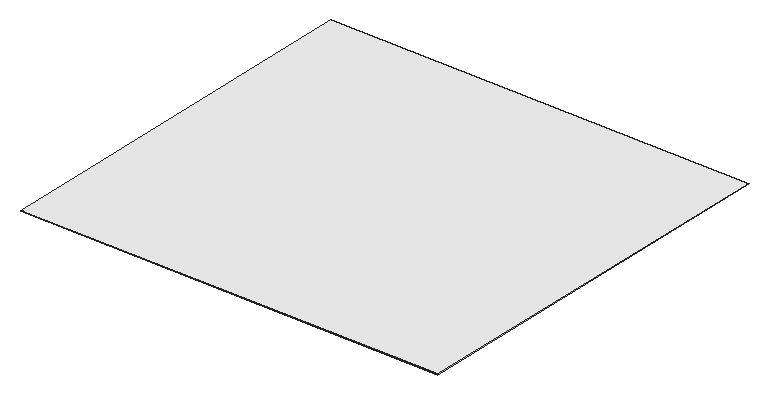
Revit family "Inner_nested_bay_template", category Generic Models, Revit 2025
Family settings
  Can host rebar = No
  Round Connector Dimension = Use Diameter
  Part Type = Normal
  Work Plane-Based = No
  Always vertical = Yes
  Cut with Voids When Loaded = No
  Maintain Annotation Orientation = No
  Shared = Yes
  Room Calculation Point = No
Parameters (values of type "Inner_nested")
  duHast_width [instance] = 1880 mm
  duHast_sub_department_name [instance] = ""
  duHast_sub_department_code [instance] = ""
  duHast_room_number [instance] = ""
  duHast_room_name_abbreviated [instance] = ""
  duHast_room_name [instance] = ""
  duHast_room_id [instance] = ""
  duHast_height [instance] = 1574.089 mm
  duHast_functional_group_name [instance] = ""
  duHast_functional_group_code [instance] = ""
  duHast_depth [instance] = 1766.032 mm
  duHast_department_name [instance] = ""
  duHast_department_code [instance] = ""
  duHast_area_designed_to_area_briefed_as_percentage [instance] = 0
  duHast_area_designed_minus_area_briefed_difference [instance] = 0.00 m²
  Default Elevation = 0 mm
Reference planes
  plane 1 "Center (Front/Back)": y = 0
  plane 2: z = 0
  plane 3 "Center (Left/Right)": x = 0
  plane 4: z = 1574.089
Forms (mm)
  Extrusion 1, solid, detail levels medium+fine
    sketch origin (0, 0, 0) x (1, 0, 0) y (0, 1, 0)
      loop
        line (-832.073, 775.089) -> (-832.073, -775.089) -> (832.073, -775.089) -> (832.073, 775.089) -> (-832.073, 775.089)
    from 0 to 1
Lines and regions (mm)
  model lines, style "InvisibleLines", detail levels medium+fine
    curve 1: line (0, 0, 0) -> (0, 0, 1574.089)
Dimensions and locks
  "duHast_height": plane 4 to level
  aligned and locked: level to plane 2
  aligned and locked: plane 4 to curve 1
  aligned and locked: level to curve 1
  aligned and locked: plane 3 "Center (Left/Right)" to curve 1
Automatic sketch dimensions
  plane 3 "Center (Left/Right)" to Extrusion 1 sketch curve = 832.073 mm
  Extrusion 1 sketch curve to plane 1 "Center (Front/Back)" = 775.089 mm
  Extrusion 1 sketch curve to plane 3 "Center (Left/Right)" = 832.073 mm
  plane 1 "Center (Front/Back)" to Extrusion 1 sketch curve = 775.089 mm
